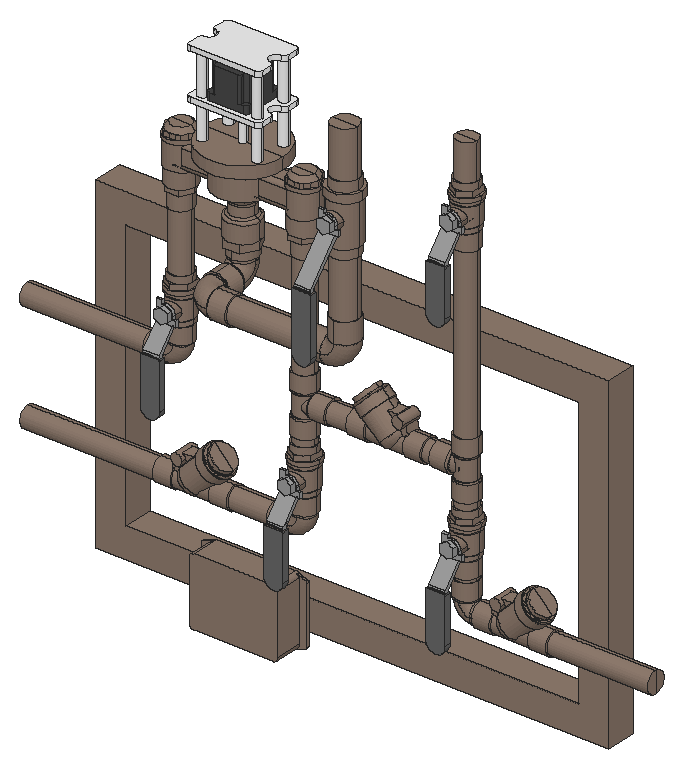
Revit family "Plumbing_Valves_Leonard-Valve_Proton-PNV-125-LF-R1", category Pipe Accessories, Revit 2018
Family settings
  Round Connector Dimension = Use Diameter
  Part Type = Normal
  OmniClass Number = 23.65.55.14.24
  OmniClass Title = Mixing Valves for Liquid Services
  Work Plane-Based = Yes
  Always vertical = Yes
  Cut with Voids When Loaded = Yes
  Shared = No
Parameters (values of type "PNV-125-LF-R1")
  Water Pressure Maximum = 125.0 psi  # constant formula
  URL = "http://www.leonardvalve.com"
  Product data url = "https://www.bimobject.com/leonardvalvecompany/product/pnv-125-lf-r1"
  Product Page URL = "https://www.leonardvalve.com/products/lines/228/product/4870"
  Product Material = Bronze - Leonard Valve Company
  Product Guid = "384b675d-8cb3-455e-b580-f102618f950c"
  Piping Method = "Method W"  # constant formula
  Outlet Temperature Range = "65°F-180°F"  # constant formula
  Outlet = 1 1/4"
  Offset = 0"
  Model = "PNV-125-LF-R1"
  Mixed Water Outlet Flow [instance] = 0.0 GPM
  Minimum Flow Rate = 0.25 GPM  # constant formula
  Maximum Pressure Drop = 50.0 psi  # constant formula
  Maximum Flow Rate = 120.0 GPM  # constant formula
  Manufacturer = "Leonard Valve"  # constant formula
  Keynote = "15400"
  Inlet = 1"
  Hot Water Inlet Flow [instance] = 0.0 GPM
  Hot Inlet Temperature Range = "120°F-180°F"  # constant formula
  Edition number = 1
  Description = "Proton-PNV-125-LF-R1"
  Default Elevation = 48"
  Cold Water Inlet Flow [instance] = 0.0 GPM
  Cold Inlet Temperature Range = "39°F-80°F"  # constant formula
  Assembly Code = "D2090800"
Reference planes
  plane 1 "Center (Front/Back)": y = 0
  plane 2: z = 0
  plane 3 "Center (Left/Right)": x = 0
  plane 4: y = 0
Dimensions and locks
  "Offset": plane 4 to plane 1 "Center (Front/Back)"
  aligned and locked: level to plane 2
  aligned and locked: plane 3 "Center (Left/Right)" to nested 1
  aligned and locked: nested 1 to plane 4
Nested families
  nested 1: "PNV-125-LF-R1" at (0, 0, 0), type "PNV-125-LF-R1"
Connectors
  piping at (-431.58, -64.364, 299.161), diameter 25.4, driven by "Inlet", driven by "Hot Water Inlet Flow"
    settings: on nested 1, index 1, connector inside diameter 609.6 mm, connector length 0", flow factor 0, pipe flow 0.0 GPM, pressure drop 0.0 psi, fitting loss kfactor 0, connector angle 0.00°, fixture units 0, engagement length 0", angle of deflection 0.00°, flow configuration 0, flow direction 1, fitting loss method 0, system type 19, joint type 0, gender type 0, connector reference index -1, connector utility 0, adjustable connector no, is connector primary yes, connector description "Hot Water Inlet"
  piping at (-431.419, -64.364, 146.761), diameter 25.4, driven by "Inlet", driven by "Cold Water Inlet Flow"
    settings: on nested 1, index 2, connector inside diameter 609.6 mm, connector length 0", flow factor 0, pipe flow 0.0 GPM, pressure drop 0.0 psi, fitting loss kfactor 0, connector angle 0.00°, fixture units 0, engagement length 0", angle of deflection 0.00°, flow configuration 0, flow direction 1, fitting loss method 0, system type 20, joint type 0, gender type 0, connector reference index -1, connector utility 0, adjustable connector no, is connector primary no, connector description "Cold Water Inlet"
  piping at (177.165, -64.364, 707.644), diameter 25.4, driven by "Inlet", driven by "Cold Water Inlet Flow"
    settings: on nested 1, index 3, connector inside diameter 609.6 mm, connector length 0", flow factor 0, pipe flow 0.0 GPM, pressure drop 0.0 psi, fitting loss kfactor 0, connector angle 0.00°, fixture units 0, engagement length 0", angle of deflection 0.00°, flow configuration 0, flow direction 1, fitting loss method 0, system type 8, joint type 0, gender type 0, connector reference index -1, connector utility 0, adjustable connector no, is connector primary no, connector description "Return Inlet"
  piping at (65.024, -135.23, 718.21), diameter 31.75, driven by "Outlet", driven by "Mixed Water Outlet Flow"
    settings: on nested 1, index 4, connector inside diameter 609.6 mm, connector length 0", flow factor 0, pipe flow 0.0 GPM, pressure drop 0.0 psi, fitting loss kfactor 0, connector angle 0.00°, fixture units 0, engagement length 0", angle of deflection 0.00°, flow configuration 0, flow direction 2, fitting loss method 0, system type 7, joint type 0, gender type 0, connector reference index -1, connector utility 0, adjustable connector no, is connector primary no, connector description "Mixed Water Outlet"
  piping at (439.039, -64.364, 121.361), diameter 25.4, driven by "Inlet", driven by "Cold Water Inlet Flow"
    settings: on nested 1, index 5, connector inside diameter 609.6 mm, connector length 0", flow factor 0, pipe flow 0.0 GPM, pressure drop 0.0 psi, fitting loss kfactor 0, connector angle 0.00°, fixture units 0, engagement length 0", angle of deflection 0.00°, flow configuration 0, flow direction 2, fitting loss method 0, system type 8, joint type 0, gender type 0, connector reference index -1, connector utility 0, adjustable connector no, is connector primary no, connector description "Return Outlet"
Definition of nested family "PNV-125-LF-R1"
  Parameters (values of type "PNV-125-LF-R1")
    Product Material = none
  Reference planes
    plane 1 "Center (Front/Back)": y = 0
    plane 2: z = 0
    plane 3 "Center (Left/Right)": x = 0
    plane 4 "b": y = -64.364
    plane 5 "a": y = -135.23
    plane 6: x = -133.354
    plane 7: z = 430.657
  Forms (mm)
    Extrusion 1, solid, material <- "Product Material", detail levels fine
      sketch origin (0, 0, 0) x (1, 0, 0) y (0, 0, 1)
        loop
          line (-355.6, 457.2) -> (-355.6, 0) -> (355.6, 0) -> (355.6, 457.2) -> (-355.6, 457.2)
        loop
          line (314.325, 415.925) -> (-314.325, 415.925) -> (-314.325, 41.275) -> (314.325, 41.275) -> (314.325, 415.925)
      from 0 to 41.275
    Extrusion 2, solid, material <- "Product Material", detail levels fine
      sketch origin (0, 0, 0) x (1, 0, 0) y (0, 0, 1)
        loop
          line (-78.74, 68.263) -> (-187.96, 68.263)
          arc (-187.96, 68.263) -> (-192.45, 66.403) -> (-194.31, 61.913) r 6.35
          line (-194.31, 61.913) -> (-194.31, -20.637)
          arc (-194.31, -20.637) -> (-192.45, -25.128) -> (-187.96, -26.987) r 6.35
          line (-187.96, -26.987) -> (-78.74, -26.988)
          arc (-78.74, -26.988) -> (-74.25, -25.128) -> (-72.39, -20.637) r 6.35
          line (-72.39, -20.637) -> (-72.39, 61.913)
          arc (-72.39, 61.913) -> (-74.25, 66.403) -> (-78.74, 68.263) r 6.35
      from 41.275 to 80.391
    Extrusion 3, solid, material <- "Product Material", detail levels fine
      sketch origin (0, 0, 0) x (1, 0, 0) y (0, 0, 1)
        loop
          line (-191.874, 66.913) -> (-205.305, 62.281)
          arc (-205.305, 62.281) -> (-206.08, 61.702) -> (-206.375, 60.781) r 1.588
          line (-206.375, 60.781) -> (-206.375, -19.506)
          arc (-206.375, -19.506) -> (-206.08, -20.427) -> (-205.305, -21.006) r 1.588
          line (-205.305, -21.006) -> (-191.874, -25.638)
          arc (-191.874, -25.638) -> (-193.669, -23.419) -> (-194.31, -20.637) r 6.35
          line (-194.31, -20.637) -> (-194.31, 61.913)
          arc (-194.31, 61.913) -> (-193.669, 64.694) -> (-191.874, 66.913) r 6.35
        loop
          line (-61.395, 62.281) -> (-74.826, 66.913)
          arc (-74.826, 66.913) -> (-73.031, 64.694) -> (-72.39, 61.913) r 6.35
          line (-72.39, 61.913) -> (-72.39, -20.638)
          arc (-72.39, -20.638) -> (-73.031, -23.419) -> (-74.826, -25.638) r 6.35
          line (-74.826, -25.638) -> (-61.395, -21.006)
          arc (-61.395, -21.006) -> (-60.62, -20.427) -> (-60.325, -19.506) r 1.588
          line (-60.325, -19.506) -> (-60.325, 60.781)
          arc (-60.325, 60.781) -> (-60.62, 61.702) -> (-61.395, 62.281) r 1.588
      from 41.275 to 44.323
    Revolve 4, solid, material <- "Product Material", detail levels fine
      sketch origin (-431.419, -64.364, 1200) x (-1, 0, 0) y (0, 0, 1)
        loop
          line (0, -1067.526) -> (0, -1053.239) -> (-368.535, -1053.239) -> (-368.535, -1068.508)
          arc (-368.535, -1068.508) -> (-367.89, -1069.12) -> (-367.029, -1069.342) r 1.775
          line (-367.029, -1069.342) -> (-343.916, -1069.342) -> (-343.916, -1067.526) -> (-288.29, -1067.526) -> (-288.29, -1069.241) -> (-263.462, -1069.241) -> (-263.462, -1067.907) -> (-209.995, -1067.907) -> (-209.995, -1069.241) -> (-185.166, -1069.241) -> (-185.166, -1067.526) -> (0, -1067.526)
        axis (0, -1053.239) -> (-368.535, -1053.239)
      angle from 0 to 360
    Revolve 5, solid, material <- "Product Material", detail levels fine
      sketch origin (-431.419, -64.364, 1200) x (-1, 0, 0) y (0, 0, 1)
        loop
          line (-240.297, -1008.713) -> (-249.84, -999.171)
          arc (-249.84, -999.171) -> (-250.401, -998.938) -> (-250.963, -999.171) r 0.794
          arc (-250.963, -999.171) -> (-250.963, -998.05) -> (-252.084, -998.05) r 0.793
          line (-252.084, -998.05) -> (-254.052, -1000.018)
          arc (-254.052, -1000.018) -> (-254.613, -1000.25) -> (-255.174, -1000.018) r 0.794
          line (-255.174, -1000.018) -> (-259.103, -996.089) -> (-271.766, -1008.751) -> (-222.958, -1057.559) -> (-218.439, -1053.041)
          arc (-218.439, -1053.041) -> (-214.154, -1043.443) -> (-217.372, -1033.437) r 14.703
          line (-217.372, -1033.437) -> (-241.196, -1009.613) -> (-240.297, -1008.713)
        axis (-271.766, -1008.751) -> (-222.958, -1057.559)
      angle from 0 to 360
    Extrusion 6, solid, material <- "Product Material", detail levels fine
      sketch origin (-431.419, -64.364, 1200) x (-1, 0, 0) y (0, 0, 1)
        loop
          line (-236.828, -1017.218) -> (-221.413, -1032.632)
          arc (-221.413, -1032.632) -> (-218.176, -1036.984) -> (-216.326, -1042.084) r 18.665
          line (-216.326, -1042.084) -> (-209.995, -1042.084) -> (-209.995, -1040.38) -> (-208.208, -1040.38) -> (-210.01, -1025.972)
          arc (-210.01, -1025.972) -> (-218.335, -1032.415) -> (-225.457, -1024.664) r 7.779
          arc (-225.457, -1024.664) -> (-223.924, -1020.027) -> (-219.928, -1017.218) r 7.779
          line (-219.928, -1017.218) -> (-236.828, -1017.218)
      from -9.525 to 9.525
    Extrusion 7, solid, material <- "Product Material", detail levels fine
      sketch origin (-431.419, -64.364, 1200) x (-1, 0, 0) y (0, 0, 1)
        loop
          arc (-210.01, -1025.972) -> (-217.021, -1016.913) -> (-225.457, -1024.664) r 7.779
          arc (-225.457, -1024.664) -> (-218.335, -1032.415) -> (-210.01, -1025.972) r 7.779
      from -14.637 to 14.637
    Revolve 8, solid, material <- "Product Material", detail levels fine
      sketch origin (-431.419, -64.364, 1200) x (-1, 0, 0) y (0, 0, 1)
        loop
          line (0.161, -915.126) -> (0.161, -900.839) -> (-196.927, -900.839) -> (-196.927, -916.106)
          arc (-196.927, -916.106) -> (-196.281, -916.719) -> (-195.419, -916.942) r 1.778
          line (-195.419, -916.942) -> (-172.305, -916.942) -> (-172.305, -915.126) -> (0.161, -915.126)
        axis (-196.927, -900.839) -> (0.161, -900.839)
      angle from 0 to 360
    Revolve 9, solid, material <- "Product Material", detail levels fine
      sketch origin (-431.419, -64.364, 1200) x (-1, 0, 0) y (0, 0, 1)
        loop
          line (-870.458, -1078.639) -> (-870.458, -1092.926) -> (-730.758, -1092.926) -> (-730.758, -1094.641) -> (-705.929, -1094.641) -> (-705.929, -1093.307) -> (-652.462, -1093.307) -> (-652.462, -1094.641) -> (-627.634, -1094.641) -> (-627.634, -1078.639) -> (-870.458, -1078.639)
        axis (-627.634, -1078.639) -> (-870.458, -1078.639)
      angle from 0 to 360
    Revolve 10, solid, material <- "Product Material", detail levels fine
      sketch origin (11.049, -64.364, 1174.926) x (-1, 0, 0) y (0, 0, 1)
        loop
          line (-240.297, -1008.713) -> (-249.84, -999.171)
          arc (-249.84, -999.171) -> (-250.401, -998.938) -> (-250.963, -999.171) r 0.794
          arc (-250.963, -999.171) -> (-250.963, -998.05) -> (-252.084, -998.05) r 0.793
          line (-252.084, -998.05) -> (-254.052, -1000.018)
          arc (-254.052, -1000.018) -> (-254.613, -1000.25) -> (-255.174, -1000.018) r 0.794
          line (-255.174, -1000.018) -> (-259.103, -996.089) -> (-271.766, -1008.751) -> (-222.958, -1057.559) -> (-218.439, -1053.041)
          arc (-218.439, -1053.041) -> (-214.154, -1043.443) -> (-217.372, -1033.437) r 14.703
          line (-217.372, -1033.437) -> (-241.196, -1009.613) -> (-240.297, -1008.713)
        axis (-271.766, -1008.751) -> (-222.958, -1057.559)
      angle from 0 to 360
    Revolve 11, solid, material <- "Product Material", detail levels fine
      sketch origin (-431.419, -64.364, 1200) x (-1, 0, 0) y (0, 0, 1)
        loop
          line (-423.418, -913.957) -> (-423.418, -915.774) -> (-400.584, -915.774)
          arc (-400.584, -915.774) -> (-399.197, -915.257) -> (-398.488, -913.957) r 2.118
          arc (-398.488, -913.957) -> (-398.313, -913.535) -> (-397.891, -913.361) r 0.596
          line (-397.891, -913.361) -> (-383.418, -913.361) -> (-383.418, -899.67) -> (-608.692, -899.67) -> (-608.692, -913.361) -> (-594.219, -913.361)
          arc (-594.219, -913.361) -> (-593.797, -913.535) -> (-593.623, -913.957) r 0.596
          arc (-593.623, -913.957) -> (-592.913, -915.257) -> (-591.526, -915.774) r 2.118
          line (-591.526, -915.774) -> (-568.96, -915.774) -> (-568.96, -913.957) -> (-556.768, -913.957) -> (-556.768, -915.672) -> (-531.939, -915.672) -> (-531.939, -914.336) -> (-478.472, -914.336) -> (-478.472, -915.672) -> (-453.644, -915.672) -> (-453.644, -913.957) -> (-423.418, -913.957)
        axis (-383.418, -899.67) -> (-608.692, -899.67)
      angle from 0 to 360
    Revolve 12, solid, material <- "Product Material", detail levels fine
      sketch origin (310.515, -64.364, 1353.568) x (1, 0, 0) y (0, 0, -1)
        loop
          line (-240.297, 1008.713) -> (-241.196, 1009.613) -> (-217.372, 1033.437)
          arc (-217.372, 1033.437) -> (-214.154, 1043.443) -> (-218.439, 1053.041) r 14.703
          line (-218.439, 1053.041) -> (-222.958, 1057.559) -> (-271.766, 1008.751) -> (-259.103, 996.089) -> (-255.174, 1000.018)
          arc (-255.174, 1000.018) -> (-254.613, 1000.25) -> (-254.052, 1000.018) r 0.794
          line (-254.052, 1000.018) -> (-252.084, 998.05)
          arc (-252.084, 998.05) -> (-250.963, 998.05) -> (-250.963, 999.171) r 0.793
          arc (-250.963, 999.171) -> (-250.401, 998.938) -> (-249.84, 999.171) r 0.794
          line (-249.84, 999.171) -> (-240.297, 1008.713)
        axis (-271.766, 1008.751) -> (-222.958, 1057.559)
      angle from 0 to 360
    Extrusion 13, solid, material <- "Product Material", detail levels fine
      sketch origin (310.515, -64.364, 1353.568) x (1, 0, 0) y (0, 0, -1)
        loop
          line (-236.828, 1017.218) -> (-219.928, 1017.218)
          arc (-219.928, 1017.218) -> (-223.924, 1020.027) -> (-225.457, 1024.664) r 7.779
          arc (-225.457, 1024.664) -> (-218.335, 1032.415) -> (-210.01, 1025.972) r 7.779
          line (-210.01, 1025.972) -> (-208.208, 1040.38) -> (-209.995, 1040.38) -> (-209.995, 1042.084) -> (-216.326, 1042.084)
          arc (-216.326, 1042.084) -> (-218.176, 1036.984) -> (-221.413, 1032.632) r 18.665
          line (-221.413, 1032.632) -> (-236.828, 1017.218)
      from -9.525 to 9.525
    Extrusion 14, solid, material <- "Product Material", detail levels fine
      sketch origin (310.515, -64.364, 1353.568) x (1, 0, 0) y (0, 0, -1)
        loop
          arc (-210.01, 1025.972) -> (-218.335, 1032.415) -> (-225.457, 1024.664) r 7.779
          arc (-225.457, 1024.664) -> (-217.021, 1016.913) -> (-210.01, 1025.972) r 7.779
      from -14.637 to 14.637
    Extrusion 15, solid, material <- "Product Material", detail levels fine
      sketch origin (11.049, -64.364, 1174.926) x (-1, 0, 0) y (0, 0, 1)
        loop
          line (-236.828, -1017.218) -> (-221.413, -1032.632)
          arc (-221.413, -1032.632) -> (-218.176, -1036.984) -> (-216.326, -1042.084) r 18.665
          line (-216.326, -1042.084) -> (-209.995, -1042.084) -> (-209.995, -1040.38) -> (-208.208, -1040.38) -> (-210.01, -1025.972)
          arc (-210.01, -1025.972) -> (-218.335, -1032.415) -> (-225.457, -1024.664) r 7.779
          arc (-225.457, -1024.664) -> (-223.924, -1020.027) -> (-219.928, -1017.218) r 7.779
          line (-219.928, -1017.218) -> (-236.828, -1017.218)
      from -9.525 to 9.525
    Extrusion 16, solid, material <- "Product Material", detail levels fine
      sketch origin (11.049, -64.364, 1174.926) x (-1, 0, 0) y (0, 0, 1)
        loop
          arc (-210.01, -1025.972) -> (-217.021, -1016.913) -> (-225.457, -1024.664) r 7.779
          arc (-225.457, -1024.664) -> (-218.335, -1032.415) -> (-210.01, -1025.972) r 7.779
      from -14.637 to 14.637
    Revolve 17, solid, material <- "Product Material", detail levels fine
      sketch origin (-431.419, -64.364, 1200) x (-1, 0, 0) y (0, 0, 1)
        loop
          line (-228.656, -881.662) -> (-212.183, -881.662) -> (-212.183, -813.342) -> (-232.397, -813.342) -> (-232.397, -818.254) -> (-231.612, -818.254) -> (-231.612, -823.188) -> (-230.18, -824.62) -> (-230.18, -851.36) -> (-229.417, -852.122) -> (-229.417, -858.674) -> (-228.656, -859.435) -> (-228.656, -881.662)
        axis (-212.183, -881.662) -> (-212.183, -813.342)
      angle from 0 to 360
    Extrusion 18, solid, material <- "Product Material", detail levels fine
      sketch origin (0, 0, 0) x (1, 0, 0) y (0, 1, 0)
        loop
          line (-157.18, -64.364) -> (-145.265, -85.001) -> (-121.435, -85.001) -> (-109.52, -64.364) -> (-121.435, -43.726) -> (-145.265, -43.726) -> (-157.18, -64.364)
      from 465.963 to 477.393
    Extrusion 19, solid, material <- "Product Material", detail levels fine
      sketch origin (0, 0, 0) x (1, 0, 0) y (0, 1, 0)
        loop
          line (-219.236, -83.478) -> (-202.763, -73.967) -> (-202.763, -54.946) -> (-219.236, -45.435) -> (-235.709, -54.946) -> (-235.709, -73.967) -> (-219.236, -83.478)
      from 386.658 to 394.066
    Revolve 20, solid, material <- "Product Material", detail levels fine
      sketch origin (-431.419, -64.364, 1200) x (-1, 0, 0) y (0, 0, 1)
        loop
          line (-212.183, -805.934) -> (-212.183, -694.921) -> (-227.766, -694.921) -> (-227.766, -715.774) -> (-226.467, -715.774) -> (-226.467, -796.673) -> (-228.656, -796.673) -> (-228.656, -805.934) -> (-212.183, -805.934)
        axis (-212.183, -694.921) -> (-212.183, -805.934)
      angle from 0 to 360
    Extrusion 21, solid, material <- "Product Material", detail levels fine
      sketch origin (0, 0, 0) x (1, 0, 0) y (0, 1, 0)
        loop
          line (-209.543, -47.667) -> (-228.93, -47.667) -> (-238.623, -64.457) -> (-228.93, -81.246) -> (-209.543, -81.246) -> (-199.85, -64.457) -> (-209.543, -47.667)
      from 505.079 to 513.588
    Revolve 22, solid, material <- "Product Material", detail levels fine
      sketch origin (-431.419, -64.364, 1200) x (-1, 0, 0) y (0, 0, 1)
        loop
          line (-192.183, -686.412) -> (-192.183, -664.441) -> (-191.389, -664.441) -> (-191.389, -629.897) -> (-190.373, -629.897) -> (-190.373, -624.817) -> (-212.423, -624.817) -> (-212.423, -686.412) -> (-192.183, -686.412)
        loop
          line (-198.622, -612.092) -> (-212.423, -612.092) -> (-212.423, -618.442) -> (-193.295, -618.442) -> (-198.622, -612.092)
        axis (-212.423, -686.412) -> (-212.423, -612.092)
      angle from 0 to 360
    Extrusion 23, solid, material <- "Product Material", detail levels fine
      sketch origin (0, 0, 0) x (1, 0, 0) y (0, 1, 0)
        loop
          line (-227.495, -83.414) -> (-219.075, -83.414) -> (-210.655, -83.414)
          arc (-210.655, -83.414) -> (-208.661, -82.401) -> (-206.787, -81.181) r 20.828
          line (-206.787, -81.181) -> (-202.577, -73.889) -> (-198.367, -66.596)
          arc (-198.367, -66.596) -> (-198.247, -64.364) -> (-198.367, -62.131) r 20.828
          line (-198.367, -62.131) -> (-202.577, -54.839) -> (-206.787, -47.546)
          arc (-206.787, -47.546) -> (-208.661, -46.326) -> (-210.655, -45.314) r 20.828
          line (-210.655, -45.314) -> (-219.075, -45.314) -> (-227.495, -45.314)
          arc (-227.495, -45.314) -> (-229.489, -46.326) -> (-231.363, -47.546) r 20.828
          line (-231.363, -47.546) -> (-235.573, -54.839) -> (-239.783, -62.131)
          arc (-239.783, -62.131) -> (-239.903, -64.364) -> (-239.783, -66.596) r 20.828
          line (-239.783, -66.596) -> (-235.573, -73.889) -> (-231.363, -81.181)
          arc (-231.363, -81.181) -> (-229.489, -82.401) -> (-227.495, -83.414) r 20.828
      from 575.183 to 581.558
    Revolve 24, solid, material <- "Product Material", detail levels fine
      sketch origin (164.719, -64.364, 1200) x (1, 0, 0) y (0, 0, -1)
        loop
          line (-226.629, 715.774) -> (-227.93, 715.774) -> (-227.93, 694.921) -> (-212.183, 694.921) -> (-212.183, 958.334) -> (-228.817, 958.334) -> (-228.817, 949.073) -> (-226.629, 949.073) -> (-226.629, 939.294) -> (-228.448, 939.294) -> (-228.448, 916.629)
          arc (-228.448, 916.629) -> (-228.236, 915.542) -> (-227.633, 914.614) r 2.901
          line (-227.633, 914.614) -> (-226.676, 913.656) -> (-226.676, 885.684) -> (-227.633, 884.727)
          arc (-227.633, 884.727) -> (-228.236, 883.799) -> (-228.448, 882.712) r 2.901
          line (-228.448, 882.712) -> (-228.448, 860.046) -> (-226.629, 860.046) -> (-226.629, 715.774)
        axis (-212.183, 694.921) -> (-212.183, 958.334)
      angle from 0 to 360
    Extrusion 25, solid, material <- "Product Material", detail levels fine
      sketch origin (-266.861, 0, 0) x (-1, 0, 0) y (0, -1, 0)
        loop
          line (-209.543, 47.667) -> (-199.85, 64.457) -> (-209.543, 81.246) -> (-228.93, 81.246) -> (-238.623, 64.457) -> (-228.93, 47.667) -> (-209.543, 47.667)
      from 505.079 to 513.588
    Revolve 26, solid, material <- "Product Material", detail levels fine
      sketch origin (164.878, -64.364, 1200) x (1, 0, 0) y (0, 0, -1)
        loop
          line (-192.183, 686.412) -> (-212.423, 686.412) -> (-212.423, 624.817) -> (-190.373, 624.817) -> (-190.373, 629.897) -> (-191.389, 629.897) -> (-191.389, 664.441) -> (-192.183, 664.441) -> (-192.183, 686.412)
        loop
          line (-198.622, 612.092) -> (-193.295, 618.442) -> (-212.423, 618.442) -> (-212.423, 612.092) -> (-198.622, 612.092)
        axis (-212.423, 686.412) -> (-212.423, 612.092)
      angle from 0 to 360
    Extrusion 27, solid, material <- "Product Material", detail levels fine
      sketch origin (-266.7, 0, 0) x (-1, 0, 0) y (0, -1, 0)
        loop
          arc (-227.495, 83.414) -> (-229.489, 82.401) -> (-231.363, 81.181) r 20.828
          line (-231.363, 81.181) -> (-235.573, 73.889) -> (-239.783, 66.596)
          arc (-239.783, 66.596) -> (-239.903, 64.364) -> (-239.783, 62.131) r 20.828
          line (-239.783, 62.131) -> (-235.573, 54.839) -> (-231.363, 47.546)
          arc (-231.363, 47.546) -> (-229.489, 46.326) -> (-227.495, 45.314) r 20.828
          line (-227.495, 45.314) -> (-219.075, 45.314) -> (-210.655, 45.314)
          arc (-210.655, 45.314) -> (-208.661, 46.326) -> (-206.787, 47.546) r 20.828
          line (-206.787, 47.546) -> (-202.577, 54.839) -> (-198.367, 62.131)
          arc (-198.367, 62.131) -> (-198.247, 64.364) -> (-198.367, 66.596) r 20.828
          line (-198.367, 66.596) -> (-202.577, 73.889) -> (-206.787, 81.181)
          arc (-206.787, 81.181) -> (-208.661, 82.401) -> (-210.655, 83.414) r 20.828
          line (-210.655, 83.414) -> (-219.075, 83.414) -> (-227.495, 83.414)
      from 575.183 to 581.558
    Revolve 28, solid, material <- "Product Material", detail levels fine
      sketch origin (-259.808, -64.364, 1047.6) x (-1, 0, 0) y (0, 0, 1)
        loop
          line (-228.656, -881.662) -> (-212.183, -881.662) -> (-212.183, -813.342) -> (-232.397, -813.342) -> (-232.397, -818.254) -> (-231.612, -818.254) -> (-231.612, -823.188) -> (-230.18, -824.62) -> (-230.18, -851.36) -> (-229.417, -852.122) -> (-229.417, -858.674) -> (-228.656, -859.435) -> (-228.656, -881.662)
        axis (-212.183, -881.662) -> (-212.183, -813.342)
      angle from 0 to 360
    Extrusion 29, solid, material <- "Product Material", detail levels fine
      sketch origin (171.611, 0, -152.4) x (1, 0, 0) y (0, 1, 0)
        loop
          line (-219.236, -83.478) -> (-202.763, -73.967) -> (-202.763, -54.946) -> (-219.236, -45.435) -> (-235.709, -54.946) -> (-235.709, -73.967) -> (-219.236, -83.478)
      from 386.658 to 394.066
    Revolve 30, solid, material <- "Product Material", detail levels fine
      sketch origin (-35.018, -64.364, 1454.914) x (-1, 0, 0) y (0, 0, 1)
        loop
          line (-228.656, -881.662) -> (-212.183, -881.662) -> (-212.183, -813.342) -> (-232.397, -813.342) -> (-232.397, -818.254) -> (-231.612, -818.254) -> (-231.612, -823.188) -> (-230.18, -824.62) -> (-230.18, -851.36) -> (-229.417, -852.122) -> (-229.417, -858.674) -> (-228.656, -859.435) -> (-228.656, -881.662)
        axis (-212.183, -881.662) -> (-212.183, -813.342)
      angle from 0 to 360
    Extrusion 31, solid, material <- "Product Material", detail levels fine
      sketch origin (396.401, 0, 254.914) x (1, 0, 0) y (0, 1, 0)
        loop
          line (-219.236, -83.478) -> (-202.763, -73.967) -> (-202.763, -54.946) -> (-219.236, -45.435) -> (-235.709, -54.946) -> (-235.709, -73.967) -> (-219.236, -83.478)
      from 386.658 to 394.066
    Extrusion 32, solid, material <- "Product Material", detail levels fine
      sketch origin (396.401, 0, 254.914) x (1, 0, 0) y (0, 1, 0)
        loop
          line (-219.236, -83.478) -> (-202.763, -73.967) -> (-202.763, -54.946) -> (-219.236, -45.435) -> (-235.709, -54.946) -> (-235.709, -73.967) -> (-219.236, -83.478)
      from 386.658 to 394.066
    Revolve 33, solid, material <- "Product Material", detail levels fine
      sketch origin (-431.419, -64.364, 1200) x (-1, 0, 0) y (0, 0, 1)
        loop
          line (-608.584, -551.019) -> (-608.584, -492.356) -> (-622.871, -492.356) -> (-622.871, -541.759) -> (-625.057, -541.759) -> (-625.057, -551.019) -> (-608.584, -551.019)
        axis (-608.584, -551.019) -> (-608.584, -492.356)
      angle from 0 to 360
    Revolve 34, solid, material <- "Product Material", detail levels fine
      sketch origin (389.509, -64.364, 1200) x (1, 0, 0) y (0, 0, -1)
        loop
          line (-226.629, 626.747) -> (-212.183, 626.747) -> (-212.183, 958.334) -> (-228.817, 958.334) -> (-228.817, 949.073) -> (-226.629, 949.073) -> (-226.629, 939.294) -> (-228.448, 939.294) -> (-228.448, 916.629)
          arc (-228.448, 916.629) -> (-228.236, 915.542) -> (-227.633, 914.614) r 2.901
          line (-227.633, 914.614) -> (-226.676, 913.656) -> (-226.676, 885.684) -> (-227.633, 884.727)
          arc (-227.633, 884.727) -> (-228.236, 883.799) -> (-228.448, 882.712) r 2.901
          line (-228.448, 882.712) -> (-228.448, 860.046) -> (-226.629, 860.046) -> (-226.629, 626.747)
        axis (-212.183, 626.747) -> (-212.183, 958.334)
      angle from 0 to 360
    Revolve 35, solid, material <- "Product Material", detail levels fine
      sketch origin (-35.018, -64.364, 1047.6) x (-1, 0, 0) y (0, 0, 1)
        loop
          line (-228.656, -881.662) -> (-212.183, -881.662) -> (-212.183, -813.342) -> (-232.397, -813.342) -> (-232.397, -818.254) -> (-231.612, -818.254) -> (-231.612, -823.188) -> (-230.18, -824.62) -> (-230.18, -851.36) -> (-229.417, -852.122) -> (-229.417, -858.674) -> (-228.656, -859.435) -> (-228.656, -881.662)
        axis (-212.183, -881.662) -> (-212.183, -813.342)
      angle from 0 to 360
    Extrusion 36, solid, material <- "Product Material", detail levels fine
      sketch origin (396.401, 0, -152.4) x (1, 0, 0) y (0, 1, 0)
        loop
          line (-219.236, -83.478) -> (-202.763, -73.967) -> (-202.763, -54.946) -> (-219.236, -45.435) -> (-235.709, -54.946) -> (-235.709, -73.967) -> (-219.236, -83.478)
      from 386.658 to 394.066
    Revolve 37, solid, material <- "Product Material", detail levels fine
      sketch origin (-431.419, -64.364, 1200) x (-1, 0, 0) y (0, 0, 1)
        loop
          line (-608.584, -1034.062) -> (-608.584, -1063.382) -> (-593.316, -1063.382)
          arc (-593.316, -1063.382) -> (-592.703, -1062.736) -> (-592.48, -1061.875) r 1.777
          line (-592.48, -1061.875) -> (-592.48, -1038.761) -> (-594.296, -1038.761) -> (-594.296, -1034.062) -> (-608.584, -1034.062)
        axis (-608.584, -1063.382) -> (-608.584, -1034.062)
      angle from 0 to 360
    Sweep 38, solid, material <- "Product Material", detail levels fine
      path origin (-431.419, -64.364, 1200) x (-1, 0, 0) y (0, 0, 1)
        loop
          line (-627.634, -1078.639) -> (-623.584, -1078.639)
          arc (-623.584, -1078.639) -> (-612.977, -1074.245) -> (-608.584, -1063.639) r 15
          line (-608.584, -1063.639) -> (-608.584, -1061.875)
      profile origin (194.19, -64.364, 121.361) x (0, 0, 1) y (0, 1, 0)
        loop
          circle (0, 0) r 14.287
    Sweep 39, solid, material <- "Product Material", detail levels fine
      path origin (-431.419, -64.364, 1200) x (-1, 0, 0) y (0, 0, 1)
        loop
          line (-383.794, -1034.062) -> (-383.794, -1038.239)
          arc (-383.794, -1038.239) -> (-379.401, -1048.845) -> (-368.794, -1053.239) r 15
          line (-368.794, -1053.239) -> (-367.03, -1053.239)
      profile origin (-62.625, -64.364, 146.761) x (0, 0, 1) y (0, 1, 0)
        loop
          circle (0, 0) r 14.288
    Sweep 40, solid, material <- "Product Material", detail levels fine
      path origin (-431.419, -64.364, 1200) x (-1, 0, 0) y (0, 0, 1)
        loop
          line (-212.183, -880.314) -> (-212.183, -884.839)
          arc (-212.183, -884.839) -> (-207.496, -896.153) -> (-196.183, -900.839) r 16
          line (-196.183, -900.839) -> (-195.038, -900.839)
      profile origin (-235.236, -64.364, 299.161) x (0, 0, 1) y (0, 1, 0)
        loop
          circle (0, 0) r 14.288
    Revolve 41, solid, material <- "Product Material", detail levels fine
      sketch origin (-431.419, -64.364, 1200) x (-1, 0, 0) y (0, 0, 1)
        loop
          line (-242.189, -606.656) -> (-298.069, -606.656) -> (-298.069, -722.607) -> (-274.977, -722.607) -> (-274.977, -699.203)
          arc (-274.977, -699.203) -> (-275.896, -696.983) -> (-278.115, -696.064) r 3.138
          arc (-278.115, -696.064) -> (-280.454, -695.143) -> (-281.535, -692.875) r 3.428
          line (-281.535, -692.875) -> (-281.535, -679.732)
          arc (-281.535, -679.732) -> (-281.319, -678.086) -> (-280.684, -676.553) r 6.358
          line (-280.684, -676.553) -> (-273.97, -664.924)
          arc (-273.97, -664.924) -> (-271.791, -662.667) -> (-268.807, -661.698) r 6.483
          line (-268.807, -661.698) -> (-259.969, -661.698) -> (-259.969, -625.808)
          arc (-259.969, -625.808) -> (-258.895, -623.827) -> (-256.783, -623.039) r 3.212
          line (-256.783, -623.039) -> (-242.189, -623.039) -> (-242.189, -606.656)
        axis (-298.069, -606.656) -> (-298.069, -722.607)
      angle from 0 to 360
    Extrusion 42, solid, detail levels fine
      sketch origin (0, 0, 0) x (1, 0, 0) y (0, 1, 0)
        loop
          line (-88.9, -28.645) -> (-177.8, -28.645)
          arc (-177.8, -28.645) -> (-182.29, -30.505) -> (-184.15, -34.995) r 6.35
          line (-184.15, -34.995) -> (-184.15, -48.575)
          arc (-184.15, -48.575) -> (-182.518, -52.825) -> (-178.46, -54.89) r 6.35
          arc (-178.46, -54.89) -> (-169.926, -64.364) -> (-178.46, -73.837) r 9.525
          arc (-178.46, -73.837) -> (-182.518, -75.902) -> (-184.15, -80.153) r 6.35
          line (-184.15, -80.153) -> (-184.15, -93.732)
          arc (-184.15, -93.732) -> (-182.29, -98.222) -> (-177.8, -100.082) r 6.35
          line (-177.8, -100.082) -> (-88.9, -100.082)
          arc (-88.9, -100.082) -> (-84.41, -98.222) -> (-82.55, -93.732) r 6.35
          line (-82.55, -93.732) -> (-82.55, -80.153)
          arc (-82.55, -80.153) -> (-84.182, -75.902) -> (-88.24, -73.837) r 6.35
          arc (-88.24, -73.837) -> (-96.774, -64.364) -> (-88.24, -54.89) r 9.525
          arc (-88.24, -54.89) -> (-84.182, -52.825) -> (-82.55, -48.575) r 6.35
          line (-82.55, -48.575) -> (-82.55, -34.995)
          arc (-82.55, -34.995) -> (-84.41, -30.505) -> (-88.9, -28.645) r 6.35
      from 704.85 to 711.2
    Extrusion 43, solid, detail levels fine
      sketch origin (0, 0, -63.5) x (1, 0, 0) y (0, 1, 0)
        loop
          line (-88.9, -28.645) -> (-177.8, -28.645)
          arc (-177.8, -28.645) -> (-182.29, -30.505) -> (-184.15, -34.995) r 6.35
          line (-184.15, -34.995) -> (-184.15, -48.575)
          arc (-184.15, -48.575) -> (-182.518, -52.825) -> (-178.46, -54.89) r 6.35
          arc (-178.46, -54.89) -> (-169.926, -64.364) -> (-178.46, -73.837) r 9.525
          arc (-178.46, -73.837) -> (-182.518, -75.902) -> (-184.15, -80.153) r 6.35
          line (-184.15, -80.153) -> (-184.15, -93.732)
          arc (-184.15, -93.732) -> (-182.29, -98.222) -> (-177.8, -100.082) r 6.35
          line (-177.8, -100.082) -> (-88.9, -100.082)
          arc (-88.9, -100.082) -> (-84.41, -98.222) -> (-82.55, -93.732) r 6.35
          line (-82.55, -93.732) -> (-82.55, -80.153)
          arc (-82.55, -80.153) -> (-84.182, -75.902) -> (-88.24, -73.837) r 6.35
          arc (-88.24, -73.837) -> (-96.774, -64.364) -> (-88.24, -54.89) r 9.525
          arc (-88.24, -54.89) -> (-84.182, -52.825) -> (-82.55, -48.575) r 6.35
          line (-82.55, -48.575) -> (-82.55, -34.995)
          arc (-82.55, -34.995) -> (-84.41, -30.505) -> (-88.9, -28.645) r 6.35
      from 704.85 to 711.2
    Extrusion 44, solid, detail levels fine
      sketch origin (0, 0, 0) x (1, 0, 0) y (0, 1, 0)
        loop
          circle (-171.47, -41.366) r 6.4
        loop
          circle (-95.23, -41.366) r 6.4
        loop
          circle (-171.47, -87.361) r 6.4
        loop
          circle (-95.23, -87.361) r 6.4
      from 593.344 to 704.85
    Extrusion 45, solid, detail levels fine
      sketch origin (0, 0, 0) x (1, 0, 0) y (0, 1, 0)
        loop
          circle (-133.354, -64.364) r 4.751
      from 593.344 to 641.35
    Extrusion 46, solid, detail levels fine
      sketch origin (0, 0, 0) x (1, 0, 0) y (0, 1, 0)
        loop
          line (-108.156, -45.466) -> (-109.452, -45.466)
          arc (-109.452, -45.466) -> (-112.988, -44.002) -> (-114.452, -40.466) r 5
          line (-114.452, -40.466) -> (-114.452, -39.17)
          arc (-114.452, -39.17) -> (-115.331, -37.048) -> (-117.452, -36.17) r 3
          line (-117.452, -36.17) -> (-149.248, -36.17)
          arc (-149.248, -36.17) -> (-151.369, -37.048) -> (-152.248, -39.17) r 3
          line (-152.248, -39.17) -> (-152.248, -40.466)
          arc (-152.248, -40.466) -> (-153.712, -44.002) -> (-157.248, -45.466) r 5
          line (-157.248, -45.466) -> (-158.544, -45.466)
          arc (-158.544, -45.466) -> (-160.665, -46.345) -> (-161.544, -48.466) r 3
          line (-161.544, -48.466) -> (-161.544, -80.261)
          arc (-161.544, -80.261) -> (-160.665, -82.383) -> (-158.544, -83.261) r 3
          line (-158.544, -83.261) -> (-157.248, -83.261)
          arc (-157.248, -83.261) -> (-153.712, -84.726) -> (-152.248, -88.261) r 5
          line (-152.248, -88.261) -> (-152.248, -89.558)
          arc (-152.248, -89.558) -> (-151.369, -91.679) -> (-149.248, -92.558) r 3
          line (-149.248, -92.558) -> (-117.452, -92.558)
          arc (-117.452, -92.558) -> (-115.331, -91.679) -> (-114.452, -89.558) r 3
          line (-114.452, -89.558) -> (-114.452, -88.261)
          arc (-114.452, -88.261) -> (-112.988, -84.726) -> (-109.452, -83.261) r 5
          line (-109.452, -83.261) -> (-108.156, -83.261)
          arc (-108.156, -83.261) -> (-106.035, -82.383) -> (-105.156, -80.261) r 3
          line (-105.156, -80.261) -> (-105.156, -48.466)
          arc (-105.156, -48.466) -> (-106.035, -46.345) -> (-108.156, -45.466) r 3
      from 647.7 to 692.912
    Extrusion 47, solid, detail levels fine
      sketch origin (0, 0, 0) x (1, 0, 0) y (0, 1, 0)
        loop
          line (-149.248, -36.17) -> (-157.226, -36.17)
          arc (-157.226, -36.17) -> (-160.279, -37.434) -> (-161.544, -40.488) r 4.318
          line (-161.544, -40.488) -> (-161.544, -48.466)
          arc (-161.544, -48.466) -> (-160.665, -46.345) -> (-158.544, -45.466) r 3
          line (-158.544, -45.466) -> (-157.248, -45.466)
          arc (-157.248, -45.466) -> (-153.712, -44.002) -> (-152.248, -40.466) r 5
          line (-152.248, -40.466) -> (-152.248, -39.17)
          arc (-152.248, -39.17) -> (-151.369, -37.048) -> (-149.248, -36.17) r 3
        loop
          line (-109.474, -36.17) -> (-117.452, -36.17)
          arc (-117.452, -36.17) -> (-115.331, -37.048) -> (-114.452, -39.17) r 3
          line (-114.452, -39.17) -> (-114.452, -40.466)
          arc (-114.452, -40.466) -> (-112.988, -44.002) -> (-109.452, -45.466) r 5
          line (-109.452, -45.466) -> (-108.156, -45.466)
          arc (-108.156, -45.466) -> (-106.035, -46.345) -> (-105.156, -48.466) r 3
          line (-105.156, -48.466) -> (-105.156, -40.488)
          arc (-105.156, -40.488) -> (-106.421, -37.434) -> (-109.474, -36.17) r 4.318
        loop
          line (-105.156, -88.24) -> (-105.156, -80.261)
          arc (-105.156, -80.261) -> (-106.035, -82.383) -> (-108.156, -83.261) r 3
          line (-108.156, -83.261) -> (-109.452, -83.261)
          arc (-109.452, -83.261) -> (-112.988, -84.726) -> (-114.452, -88.261) r 5
          line (-114.452, -88.261) -> (-114.452, -89.558)
          arc (-114.452, -89.558) -> (-115.331, -91.679) -> (-117.452, -92.558) r 3
          line (-117.452, -92.558) -> (-109.474, -92.558)
          arc (-109.474, -92.558) -> (-106.421, -91.293) -> (-105.156, -88.24) r 4.318
        loop
          line (-157.226, -92.558) -> (-149.248, -92.558)
          arc (-149.248, -92.558) -> (-151.369, -91.679) -> (-152.248, -89.558) r 3
          line (-152.248, -89.558) -> (-152.248, -88.261)
          arc (-152.248, -88.261) -> (-153.712, -84.726) -> (-157.248, -83.261) r 5
          line (-157.248, -83.261) -> (-158.544, -83.261)
          arc (-158.544, -83.261) -> (-160.665, -82.383) -> (-161.544, -80.261) r 3
          line (-161.544, -80.261) -> (-161.544, -88.24)
          arc (-161.544, -88.24) -> (-160.279, -91.293) -> (-157.226, -92.558) r 4.318
      from 647.7 to 657.7
    Revolve 48, solid, material <- "Product Material", detail levels fine
      sketch origin (-133.354, -59.612, 1200) x (0, 1, 0) y (0, 0, 1)
        loop
          line (-23.801, -734.037) -> (-23.801, -745.467) -> (-4.751, -745.467) -> (-4.751, -734.037) -> (-23.801, -734.037)
        axis (-4.751, -745.467) -> (-4.751, -734.037)
      angle from 0 to 360
    Revolve 49, solid, material <- "Product Material", detail levels fine
      sketch origin (-133.354, -59.612, 1200) x (0, 1, 0) y (0, 0, 1)
        loop
          line (-51.741, -788.622) -> (-27.103, -788.622)
          arc (-27.103, -788.622) -> (-26.242, -788.399) -> (-25.596, -787.786) r 1.777
          line (-25.596, -787.786) -> (-25.596, -769.343) -> (-51.741, -769.343) -> (-51.741, -788.622)
        axis (-25.596, -769.343) -> (-51.741, -769.343)
      angle from 0 to 360
    Sweep 50, solid, material <- "Product Material", detail levels fine
      path origin (-133.354, -59.612, 1200) x (0, 1, 0) y (0, 0, 1)
        loop
          line (-4.751, -745.467) -> (-4.751, -749.343)
          arc (-4.751, -749.343) -> (-10.609, -763.485) -> (-24.751, -769.343) r 20
          line (-24.751, -769.343) -> (-27.103, -769.343)
      profile origin (-133.354, -84.364, 430.657) x (0, 0, -1) y (1, 0, 0)
        loop
          circle (0, 0) r 17.5
    Revolve 51, solid, material <- "Product Material", detail levels fine
      sketch origin (-86.36, -135.23, 1200) x (-1, 0, 0) y (0, 0, 1)
        loop
          line (-151.384, -481.79) -> (-168.846, -481.79) -> (-168.847, -546.204) -> (-170.633, -546.204) -> (-170.633, -559.577) -> (-175.446, -559.577) -> (-175.446, -570.69) -> (-173.66, -570.69) -> (-172.411, -571.938) -> (-172.411, -629.834) -> (-170.633, -629.834) -> (-170.633, -643.207) -> (-168.844, -643.207) -> (-168.844, -721.083) -> (-151.384, -721.083) -> (-151.384, -481.79)
        axis (-151.384, -721.083) -> (-151.384, -481.79)
      angle from 0 to 360
    Revolve 52, solid, material <- "Product Material", detail levels fine
      sketch origin (-86.36, -135.23, 1200) x (-1, 0, 0) y (0, 0, 1)
        loop
          line (0, -788.622) -> (24.638, -788.622)
          arc (24.638, -788.622) -> (25.492, -788.401) -> (26.133, -787.793) r 1.762
          line (26.133, -787.793) -> (26.133, -769.343) -> (-103.124, -769.343) -> (-103.124, -786.806) -> (0, -786.806) -> (0, -788.622)
        axis (26.133, -769.343) -> (-103.124, -769.343)
      angle from 0 to 360
    Sweep 53, solid, material <- "Product Material", detail levels fine
      path origin (-86.36, -135.23, 1200) x (-1, 0, 0) y (0, 0, 1)
        loop
          line (-103.124, -769.343) -> (-131.384, -769.343)
          arc (-131.384, -769.343) -> (-145.526, -763.485) -> (-151.384, -749.343) r 20
          line (-151.384, -749.343) -> (-151.384, -721.083)
      profile origin (30.894, -135.23, 430.657) x (0, 0, -1) y (0, 1, 0)
        loop
          circle (0, 0) r 19
    Sweep 54, solid, material <- "Product Material", detail levels fine
      path origin (-86.36, -1524, 430.657) x (-1, 0, 0) y (0, -1, 0)
        loop
          line (46.994, -1412.646) -> (46.994, -1409.77)
          arc (46.994, -1409.77) -> (40.844, -1394.921) -> (25.994, -1388.77) r 21
          line (25.994, -1388.77) -> (24.638, -1388.77)
      profile origin (-133.354, -112.792, 430.657) x (1, 0, 0) y (0, 0, 1)
        loop
          circle (0, 0) r 17.5
    Extrusion 55, solid, material <- "Product Material", detail levels fine
      sketch origin (-133.354, -59.612, 1200) x (0, 1, 0) y (0, 0, 1)
        loop
          line (-15.074, -661.937) -> (5.571, -661.937)
          arc (5.571, -661.937) -> (10.061, -660.077) -> (11.921, -655.587) r 6.35
          line (11.921, -655.587) -> (11.921, -634.941)
          arc (11.921, -634.941) -> (10.061, -630.451) -> (5.571, -628.591) r 6.35
          line (5.571, -628.591) -> (-15.074, -628.591)
          arc (-15.074, -628.591) -> (-19.564, -630.451) -> (-21.424, -634.941) r 6.35
          line (-21.424, -634.941) -> (-21.424, -655.587)
          arc (-21.424, -655.587) -> (-19.564, -660.077) -> (-15.074, -661.937) r 6.35
      from -85.882 to 87.369
    Extrusion 56, solid, detail levels fine
      sketch origin (441.262, -125.69, 256.958) x (0, 0, 1) y (-1, 0, 0)
        loop
          line (364.186, 380.048) -> (364.186, 387.668) -> (336.952, 387.668) -> (336.952, 360.297) -> (344.514, 360.297) -> (344.514, 364.808) -> (348.337, 364.808)
          arc (348.337, 364.808) -> (356.419, 368.155) -> (359.767, 376.238) r 11.43
          line (359.767, 376.238) -> (359.767, 380.048) -> (364.186, 380.048)
      from 37.933 to 41.108
    Extrusion 57, solid, detail levels fine
      sketch origin (441.262, -125.69, 256.958) x (0, 0, 1) y (-1, 0, 0)
        loop
          line (353.603, 385.382) -> (343.045, 385.382) -> (337.765, 376.238) -> (343.045, 367.094) -> (353.603, 367.094) -> (358.883, 376.238) -> (353.603, 385.382)
      from 41.108 to 47.881
    Extrusion 58, solid, detail levels fine
      sketch origin (247.587, -197.826, 1215.583) x (0, 1, 0) y (0, 0, 1)
        loop
          arc (-10.441, -671.263) -> (-11.08, -672.371) -> (-11.302, -673.63) r 3.683
          line (-11.302, -673.63) -> (-11.302, -674.83) -> (-7.158, -674.83) -> (-7.158, -672.43) -> (33.306, -624.088)
          arc (33.306, -624.088) -> (33.97, -622.961) -> (34.201, -621.673) r 3.708
          line (34.201, -621.673) -> (31.17, -621.673) -> (-10.441, -671.263)
      from -193.993 to -171.133
    Extrusion 59, solid, detail levels fine
      sketch origin (441.262, -124.038, 258.453) x (0, 0, 1) y (-1, 0, 0)
        loop
          arc (280.947, 362.903) -> (281.904, 363.299) -> (282.301, 364.257) r 1.354
          line (282.301, 364.257) -> (282.301, 388.089)
          arc (282.301, 388.089) -> (281.866, 389.138) -> (280.817, 389.573) r 1.484
          line (280.817, 389.573) -> (202.189, 389.573)
          arc (202.189, 389.573) -> (188.854, 376.238) -> (202.189, 362.903) r 13.335
          line (202.189, 362.903) -> (280.947, 362.903)
      from 79.04 to 86.995
    Extrusion 60, solid, detail levels fine
      sketch origin (553.403, -51.725, 267.436) x (0, 0, 1) y (-1, 0, 0)
        loop
          line (364.186, 380.048) -> (364.186, 387.668) -> (336.952, 387.668) -> (336.952, 360.297) -> (344.514, 360.297) -> (344.514, 364.808) -> (348.311, 364.808)
          arc (348.311, 364.808) -> (356.393, 368.155) -> (359.741, 376.238) r 11.43
          line (359.741, 376.238) -> (359.741, 380.048) -> (364.186, 380.048)
      from 37.933 to 41.108
    Extrusion 61, solid, detail levels fine
      sketch origin (553.403, -51.725, 267.436) x (0, 0, 1) y (-1, 0, 0)
        loop
          line (353.603, 385.382) -> (343.045, 385.382) -> (337.765, 376.238) -> (343.045, 367.094) -> (353.603, 367.094) -> (358.883, 376.238) -> (353.603, 385.382)
      from 41.108 to 47.881
    Extrusion 62, solid, detail levels fine
      sketch origin (359.728, -123.861, 1226.06) x (0, 1, 0) y (0, 0, 1)
        loop
          arc (8.263, -649.058) -> (7.624, -650.166) -> (7.402, -651.425) r 3.683
          line (7.402, -651.425) -> (7.402, -652.625) -> (11.546, -652.625) -> (11.546, -650.085) -> (33.306, -624.088)
          arc (33.306, -624.088) -> (33.97, -622.961) -> (34.201, -621.673) r 3.708
          line (34.201, -621.673) -> (31.242, -621.673) -> (8.263, -649.058)
      from -193.993 to -171.133
    Extrusion 63, solid, detail levels fine
      sketch origin (553.403, -31.369, 291.624) x (0, 0, 1) y (-1, 0, 0)
        loop
          arc (280.457, 362.903) -> (281.415, 363.299) -> (281.811, 364.257) r 1.354
          line (281.811, 364.257) -> (281.811, 388.089)
          arc (281.811, 388.089) -> (281.377, 389.138) -> (280.327, 389.573) r 1.484
          line (280.327, 389.573) -> (217.468, 389.573)
          arc (217.468, 389.573) -> (204.133, 376.238) -> (217.468, 362.903) r 13.335
          line (217.468, 362.903) -> (280.457, 362.903)
      from 79.04 to 86.995
    Extrusion 64, solid, detail levels fine
      sketch origin (157.001, -51.725, 12.508) x (0, 0, 1) y (-1, 0, 0)
        loop
          line (364.186, 380.048) -> (364.186, 387.668) -> (336.952, 387.668) -> (336.952, 360.297) -> (344.514, 360.297) -> (344.514, 364.808) -> (348.311, 364.808)
          arc (348.311, 364.808) -> (356.393, 368.155) -> (359.741, 376.238) r 11.43
          line (359.741, 376.238) -> (359.741, 380.048) -> (364.186, 380.048)
      from 37.933 to 41.108
    Extrusion 65, solid, detail levels fine
      sketch origin (157.001, -51.725, 12.508) x (0, 0, 1) y (-1, 0, 0)
        loop
          line (353.603, 385.382) -> (343.045, 385.382) -> (337.765, 376.238) -> (343.045, 367.094) -> (353.603, 367.094) -> (358.883, 376.238) -> (353.603, 385.382)
      from 41.108 to 47.881
    Extrusion 66, solid, detail levels fine
      sketch origin (-36.674, -123.861, 971.133) x (0, 1, 0) y (0, 0, 1)
        loop
          arc (8.263, -649.058) -> (7.624, -650.166) -> (7.402, -651.425) r 3.683
          line (7.402, -651.425) -> (7.402, -652.625) -> (11.546, -652.625) -> (11.546, -650.085) -> (33.306, -624.088)
          arc (33.306, -624.088) -> (33.97, -622.961) -> (34.201, -621.673) r 3.708
          line (34.201, -621.673) -> (31.242, -621.673) -> (8.263, -649.058)
      from -193.993 to -171.133
    Extrusion 67, solid, detail levels fine
      sketch origin (157.001, -31.369, 36.697) x (0, 0, 1) y (-1, 0, 0)
        loop
          arc (280.457, 362.903) -> (281.415, 363.299) -> (281.811, 364.257) r 1.354
          line (281.811, 364.257) -> (281.811, 388.089)
          arc (281.811, 388.089) -> (281.377, 389.138) -> (280.327, 389.573) r 1.484
          line (280.327, 389.573) -> (217.468, 389.573)
          arc (217.468, 389.573) -> (204.133, 376.238) -> (217.468, 362.903) r 13.335
          line (217.468, 362.903) -> (280.457, 362.903)
      from 79.04 to 86.995
    Extrusion 68, solid, detail levels fine
      sketch origin (328.613, -51.725, -139.892) x (0, 0, 1) y (-1, 0, 0)
        loop
          line (364.186, 380.048) -> (364.186, 387.668) -> (336.952, 387.668) -> (336.952, 360.297) -> (344.514, 360.297) -> (344.514, 364.808) -> (348.311, 364.808)
          arc (348.311, 364.808) -> (356.393, 368.155) -> (359.741, 376.238) r 11.43
          line (359.741, 376.238) -> (359.741, 380.048) -> (364.186, 380.048)
      from 37.933 to 41.108
    Extrusion 69, solid, detail levels fine
      sketch origin (328.613, -51.725, -139.892) x (0, 0, 1) y (-1, 0, 0)
        loop
          line (353.603, 385.382) -> (343.045, 385.382) -> (337.765, 376.238) -> (343.045, 367.094) -> (353.603, 367.094) -> (358.883, 376.238) -> (353.603, 385.382)
      from 41.108 to 47.881
    Extrusion 70, solid, detail levels fine
      sketch origin (134.938, -123.861, 818.733) x (0, 1, 0) y (0, 0, 1)
        loop
          arc (8.263, -649.058) -> (7.624, -650.166) -> (7.402, -651.425) r 3.683
          line (7.402, -651.425) -> (7.402, -652.625) -> (11.546, -652.625) -> (11.546, -650.085) -> (33.306, -624.088)
          arc (33.306, -624.088) -> (33.97, -622.961) -> (34.201, -621.673) r 3.708
          line (34.201, -621.673) -> (31.242, -621.673) -> (8.263, -649.058)
      from -193.993 to -171.133
    Extrusion 71, solid, detail levels fine
      sketch origin (328.613, -31.369, -115.703) x (0, 0, 1) y (-1, 0, 0)
        loop
          arc (280.457, 362.903) -> (281.415, 363.299) -> (281.811, 364.257) r 1.354
          line (281.811, 364.257) -> (281.811, 388.089)
          arc (281.811, 388.089) -> (281.377, 389.138) -> (280.327, 389.573) r 1.484
          line (280.327, 389.573) -> (217.468, 389.573)
          arc (217.468, 389.573) -> (204.133, 376.238) -> (217.468, 362.903) r 13.335
          line (217.468, 362.903) -> (280.457, 362.903)
      from 79.04 to 86.995
    Extrusion 72, solid, detail levels fine
      sketch origin (553.403, -51.725, -139.892) x (0, 0, 1) y (-1, 0, 0)
        loop
          line (364.186, 380.048) -> (364.186, 387.668) -> (336.952, 387.668) -> (336.952, 360.297) -> (344.514, 360.297) -> (344.514, 364.808) -> (348.311, 364.808)
          arc (348.311, 364.808) -> (356.393, 368.155) -> (359.741, 376.238) r 11.43
          line (359.741, 376.238) -> (359.741, 380.048) -> (364.186, 380.048)
      from 37.933 to 41.108
    Extrusion 73, solid, detail levels fine
      sketch origin (553.403, -51.725, -139.892) x (0, 0, 1) y (-1, 0, 0)
        loop
          line (353.603, 385.382) -> (343.045, 385.382) -> (337.765, 376.238) -> (343.045, 367.094) -> (353.603, 367.094) -> (358.883, 376.238) -> (353.603, 385.382)
      from 41.108 to 47.881
    Extrusion 74, solid, detail levels fine
      sketch origin (359.728, -123.861, 818.733) x (0, 1, 0) y (0, 0, 1)
        loop
          arc (8.263, -649.058) -> (7.624, -650.166) -> (7.402, -651.425) r 3.683
          line (7.402, -651.425) -> (7.402, -652.625) -> (11.546, -652.625) -> (11.546, -650.085) -> (33.306, -624.088)
          arc (33.306, -624.088) -> (33.97, -622.961) -> (34.201, -621.673) r 3.708
          line (34.201, -621.673) -> (31.242, -621.673) -> (8.263, -649.058)
      from -193.993 to -171.133
    Extrusion 75, solid, detail levels fine
      sketch origin (553.403, -31.369, -115.703) x (0, 0, 1) y (-1, 0, 0)
        loop
          arc (280.457, 362.903) -> (281.415, 363.299) -> (281.811, 364.257) r 1.354
          line (281.811, 364.257) -> (281.811, 388.089)
          arc (281.811, 388.089) -> (281.377, 389.138) -> (280.327, 389.573) r 1.484
          line (280.327, 389.573) -> (217.468, 389.573)
          arc (217.468, 389.573) -> (204.133, 376.238) -> (217.468, 362.903) r 13.335
          line (217.468, 362.903) -> (280.457, 362.903)
      from 79.04 to 86.995
    Extrusion 76, solid, material <- "Product Material", detail levels fine
      sketch origin (-86.36, -135.23, 1200) x (-1, 0, 0) y (0, 0, 1)
        loop
          circle (132.876, -839.168) r 11.417
        loop
          circle (-38.735, -991.568) r 11.417
        loop
          circle (-263.525, -991.568) r 11.417
        loop
          circle (-263.525, -584.24) r 11.417
      from 45.733 to 70.866
    Extrusion 77, solid, material <- "Product Material", detail levels fine
      sketch origin (-86.36, -135.23, 1200) x (-1, 0, 0) y (0, 0, 1)
        loop
          circle (-151.384, -594.718) r 11.443
      from -28.139 to 0
  Cuts and joins
    joined: Extrusion 46, Extrusion 47
  Lines and regions (mm)
    Masking region 1, detail levels coarse+medium
      outline origin (-86.36, -1524, 430.657) x (-1, 0, 0) y (0, -1, 0)
        loop
          circle (46.99, -1459.636) r 38.1
    model lines, detail levels coarse+medium
      curve 1: line (-47.546, -64.364, 554.736) -> (-47.546, -64.364, 235.799)
      curve 2: line (-431.419, -64.364, 146.761) -> (-62.546, -64.364, 146.761)
      curve 3: arc (-62.546, -64.364, 146.761) -> (-51.939, -64.364, 151.155) -> (-47.546, -64.364, 161.761) r 15
      curve 4: line (177.165, -64.364, 707.644) -> (177.165, -64.364, 640.325)
      curve 5: line (439.039, -64.364, 121.361) -> (192.165, -64.364, 121.361)
      curve 6: arc (192.165, -64.364, 121.361) -> (181.558, -64.364, 125.755) -> (177.165, -64.364, 136.361) r 15
      curve 7: line (-47.546, -64.364, 300.33) -> (177.165, -64.364, 300.33)
      curve 8: line (-235.326, -64.364, 384.185) -> (-203.147, -64.364, 384.185)
      curve 9: line (-227.986, -64.364, 373.532) -> (-210.486, -64.364, 348.132)
      curve 10: line (-235.326, -64.364, 384.185) -> (-203.201, -64.364, 337.558)
      curve 11: line (-235.272, -64.364, 337.558) -> (-203.201, -64.364, 337.558)
      curve 12: line (-235.272, -64.364, 337.558) -> (-203.147, -64.364, 384.185)
      curve 13: line (-218.996, -64.364, 554.736) -> (-218.996, -64.364, 384.185)
      curve 14: line (-431.58, -64.364, 299.161) -> (-234.236, -64.364, 299.161)
      curve 15: line (-219.236, -64.364, 337.558) -> (-219.236, -64.364, 314.161)
      curve 16: arc (-234.236, -64.364, 299.161) -> (-223.63, -64.364, 303.555) -> (-219.236, -64.364, 314.161) r 15
      curve 17: line (-230.496, -64.364, 318.508) -> (-207.496, -64.364, 318.508)
      curve 18: line (-230.496, -64.364, 403.327) -> (-207.496, -64.364, 403.327)
      curve 19: line (-58.964, -64.364, 166.108) -> (-35.964, -64.364, 166.108)
      curve 20: line (-58.964, -64.364, 250.927) -> (-35.964, -64.364, 250.927)
      curve 21: line (-47.546, -64.364, 189.172) -> (-47.546, -64.364, 161.761)
      curve 22: line (165.665, -64.364, 573.423) -> (188.665, -64.364, 573.423)
      curve 23: line (165.665, -64.364, 658.241) -> (188.665, -64.364, 658.241)
      curve 24: line (177.165, -64.364, 593.698) -> (177.165, -64.364, 233.733)
      curve 25: line (165.826, -64.364, 166.108) -> (188.826, -64.364, 166.108)
      curve 26: line (165.826, -64.364, 250.927) -> (188.826, -64.364, 250.927)
      curve 27: line (177.165, -64.364, 187.106) -> (177.165, -64.364, 136.361)
      curve 28: line (-133.354, -64.364, 576.961) -> (-133.354, -64.364, 487.558)
      curve 29: line (-133.354, -111.354, 430.657) -> (-133.354, -84.364, 430.657)
      curve 30: arc (-133.354, -64.364, 450.657) -> (-133.354, -70.221, 436.515) -> (-133.354, -84.364, 430.657) r 20
      curve 31: line (40.962, -135.23, 430.657) -> (-113.354, -135.23, 430.657)
      curve 32: line (-133.354, -111.354, 430.657) -> (-133.354, -115.23, 430.657)
      curve 33: arc (-113.354, -135.23, 430.657) -> (-127.496, -129.372, 430.657) -> (-133.354, -115.23, 430.657) r 20
      curve 34: line (65.024, -135.23, 718.21) -> (65.024, -135.23, 629.783)
      curve 35: line (40.962, -135.23, 430.657) -> (50.024, -135.23, 430.657)
      curve 36: arc (50.024, -135.23, 430.657) -> (60.631, -135.23, 435.05) -> (65.024, -135.23, 445.657) r 15
      curve 37: line (53.509, -135.23, 556.793) -> (76.539, -135.23, 556.793)
      curve 38: line (53.509, -135.23, 640.423) -> (76.539, -135.23, 640.423)
      curve 39: line (65.024, -135.23, 583.156) -> (65.024, -135.23, 445.657)
      curve 51: line (-133.354, -64.364, 477.444) -> (-133.354, -64.364, 450.657)
      curve 68: line (-219.209, -64.364, 360.872) -> (-244.609, -64.364, 360.872)
      curve 69: line (-244.609, -64.364, 369.35) -> (-244.609, -64.364, 351.936)
      curve 70: line (48.907, -135.23, 629.783) -> (81.086, -135.23, 629.783)
      curve 71: line (56.247, -135.23, 619.13) -> (73.747, -135.23, 593.73)
      curve 72: line (48.907, -135.23, 629.783) -> (81.032, -135.23, 583.156)
      curve 73: line (48.962, -135.23, 583.156) -> (81.032, -135.23, 583.156)
      curve 74: line (48.962, -135.23, 583.156) -> (81.086, -135.23, 629.783)
      curve 75: line (65.024, -135.23, 606.469) -> (39.624, -135.23, 606.469)
      curve 76: line (39.624, -135.23, 614.948) -> (39.624, -135.23, 597.533)
      curve 77: line (161.048, -64.364, 640.325) -> (193.227, -64.364, 640.325)
      curve 78: line (168.388, -64.364, 629.672) -> (185.888, -64.364, 604.272)
      curve 79: line (161.048, -64.364, 640.325) -> (193.173, -64.364, 593.698)
      curve 80: line (161.103, -64.364, 593.698) -> (193.173, -64.364, 593.698)
      curve 81: line (161.103, -64.364, 593.698) -> (193.227, -64.364, 640.325)
      curve 82: line (177.165, -64.364, 617.012) -> (151.765, -64.364, 617.012)
      curve 83: line (151.765, -64.364, 625.49) -> (151.765, -64.364, 608.075)
      curve 84: line (161.048, -64.364, 233.733) -> (193.227, -64.364, 233.733)
      curve 85: line (168.388, -64.364, 223.08) -> (185.888, -64.364, 197.68)
      curve 86: line (161.048, -64.364, 233.733) -> (193.173, -64.364, 187.106)
      curve 87: line (161.103, -64.364, 187.106) -> (193.173, -64.364, 187.106)
      curve 88: line (161.103, -64.364, 187.106) -> (193.227, -64.364, 233.733)
      curve 89: line (177.165, -64.364, 210.419) -> (151.765, -64.364, 210.419)
      curve 90: line (151.765, -64.364, 218.898) -> (151.765, -64.364, 201.483)
      curve 91: line (-63.821, -64.364, 235.799) -> (-31.642, -64.364, 235.799)
      curve 92: line (-56.481, -64.364, 225.146) -> (-38.981, -64.364, 199.746)
      curve 93: line (-63.821, -64.364, 235.799) -> (-31.696, -64.364, 189.172)
      curve 94: line (-63.767, -64.364, 189.172) -> (-31.696, -64.364, 189.172)
      curve 95: line (-63.767, -64.364, 189.172) -> (-31.642, -64.364, 235.799)
      curve 96: line (-47.704, -64.364, 212.485) -> (-73.104, -64.364, 212.485)
      curve 97: line (-73.104, -64.364, 220.964) -> (-73.104, -64.364, 203.549)
      curve 98: line (-159.653, -64.364, 191.249) -> (-204.141, -64.364, 146.761)
      curve 99: line (-172.316, -64.364, 203.911) -> (-146.991, -64.364, 178.586)
      curve 100: line (38.749, -64.364, 344.817) -> (83.237, -64.364, 300.33)
      curve 101: line (51.412, -64.364, 357.48) -> (26.087, -64.364, 332.155)
      curve 102: line (282.815, -64.364, 166.174) -> (238.002, -64.364, 121.361)
      curve 103: line (270.152, -64.364, 178.837) -> (295.477, -64.364, 153.512)
      curve 104: line (-235.007, -64.364, 329.141) -> (-203.257, -64.364, 329.141)
      curve 105: line (-247.423, -64.364, 314.184) -> (-247.423, -64.364, 284.027)
      curve 106: line (-154.937, -64.364, 160.914) -> (-154.937, -64.364, 131.911)
      curve 107: line (-234.835, -64.364, 160.914) -> (-234.835, -64.364, 131.911)
      curve 108: line (-77.522, -64.364, 160.914) -> (-77.522, -64.364, 133.101)
      curve 109: line (-62.115, -64.364, 176.755) -> (-32.446, -64.364, 176.755)
      curve 110: line (286.904, -64.364, 135.399) -> (286.904, -64.364, 106.788)
      curve 111: line (207.134, -64.364, 135.399) -> (207.134, -64.364, 106.788)
      curve 112: line (162.159, -64.364, 150.113) -> (192.078, -64.364, 150.113)
      curve 113: line (149.505, -64.364, 314.855) -> (149.505, -64.364, 287.132)
      curve 114: line (163.448, -64.364, 328.672) -> (191.741, -64.364, 328.672)
      curve 115: line (163.448, -64.364, 271.8) -> (191.741, -64.364, 271.8)
      curve 116: line (31.75, -64.364, 314.855) -> (31.75, -64.364, 285.739)
      curve 117: line (111.405, -64.364, 314.855) -> (111.405, -64.364, 285.739)
      curve 118: line (-62.915, -64.364, 330.238) -> (-32.271, -64.364, 330.238)
